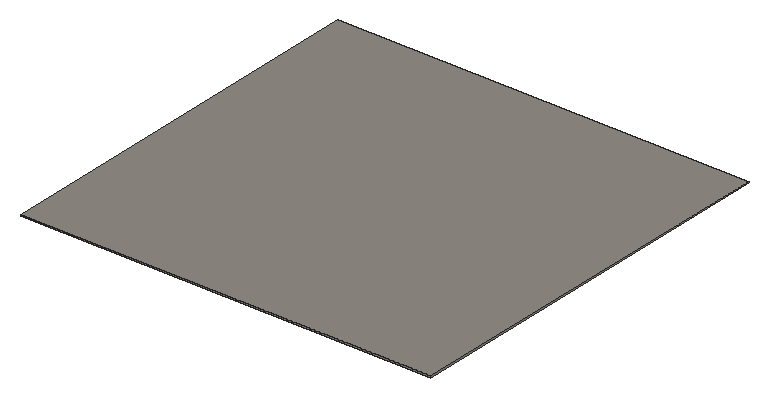
Revit family
Parameters (values of type "양탄자1")
  폭 = 2800 mm
  카페트 = 그림1
  높이 = 5 mm
  깊이 = 2700 mm
  Assembly Code = ""
Reference planes
  plane 1 "Center (Front/Back)": y = 0
  plane 2: z = 0
  plane 3 "Center (Left/Right)": x = 0
  plane 4 "left": x = -1400
  plane 5 "right": x = 1400
  plane 6 "front": y = -1350
  plane 7 "back": y = 1350
  plane 8 "top": z = 5
Forms (mm)
  Extrusion 1, solid, material "그림1" <- "카페트"
    sketch origin (0, 0, 0) x (1, 0, 0) y (0, 1, 0)
      loop
        line (-1400, 1350) -> (-1400, -1352.153) -> (1400, -1352.153) -> (1400, 1350) -> (-1400, 1350)
    from 0 to 10
Dimensions and locks
  "깊이": plane 6 "front" to plane 7 "back"
  equal spacing: plane 6 "front", plane 1 "Center (Front/Back)", plane 7 "back"
  "높이": plane 8 "top" to level
  "폭": plane 4 "left" to plane 5 "right"
  equal spacing: plane 4 "left", plane 3 "Center (Left/Right)", plane 5 "right"
  aligned and locked: plane 4 "left" to Extrusion 1 sketch curve
  aligned and locked: Extrusion 1 sketch curve to plane 7 "back"
  aligned and locked: Extrusion 1 sketch curve to plane 5 "right"
Automatic sketch dimensions
  Extrusion 1 sketch curve to plane 6 "front" = 2.153 mm
